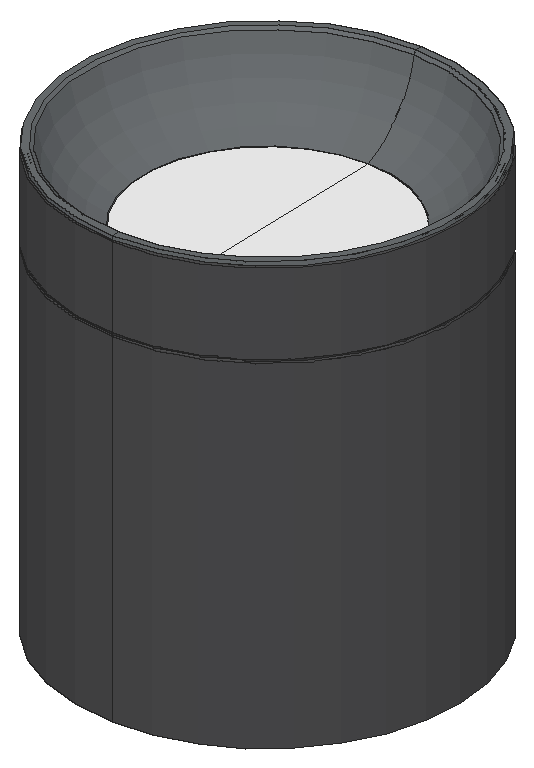
Revit family "Zumtobel PANOS 3 Surface-Mounted R150", category Lighting Fixtures, host Face, Revit 2023
Family settings
  Host = Face
  Round Connector Dimension = Use Diameter
  Part Type = Normal
  Cut with Voids When Loaded = Yes
  Light Source = Yes
  Maintain Annotation Orientation = No
  Shared = No
  Room Calculation Point = Yes
Parameters (values of type "PANOS SC R150 1k-940 LDO H AL BK")
  URL = "https://www.zumtobel.com/com-en/products/product_popup.html?62930183"
  Type Image = ZS_PA3_F_SM_R150_L_AL_BKBK.jpg
  Type Comments = ""
  Power Factor = 0.8
  Model = "62930183"
  Material Reflector = Zumtobel-Plastic-RAL 7016-Anthracite Grey-Reflective
  Material Housing Top = Zumtobel-Aluminium-RAL 9005-Jet Black
  Material Housing = Zumtobel-Aluminium-RAL 9005-Jet Black
  Wattage = 8.3 W
  built-in parameter 1150110 = 1 (stored number, unit not read)
  built-in parameter 1114217 = 1 (stored number, unit not read)
  Tilt Angle = -90.00°  # constant formula
  built-in parameter 1150109 = 1 (stored number, unit not read)
  built-in parameter 1150134 = 12
  built-in parameter 1150113 = 1 (stored number, unit not read)
  Photometric Web File = "62930183_(STD_LEO).IES"
  Manufacturer = "Zumtobel Lighting"  # constant formula
  built-in parameter 1150105 = 85.944 (stored number, unit not read)
  Lumens = 1080 lm
  Luminaire Width = 139 mm  # constant formula
  Luminaire Length = 139 mm  # constant formula
  Luminaire Height = if(Housing H, 156 mm, if(Housing L, 118 mm, 156 mm))  # 156 mm
  built-in parameter 1150115 = 1 (stored number, unit not read)
  built-in parameter 1150137 = (empty or 0)
  built-in parameter 1150139 = (empty or 0)
  built-in parameter 1150112 = 1 (stored number, unit not read)
  built-in parameter 1150114 = 1 (stored number, unit not read)
  Lamp = "LED"
  built-in parameter 1150132 = 2
  built-in parameter 1150102 = (empty or 0)
  built-in parameter 1150107 = 4000 (stored number, unit not read)
  built-in parameter 1150138 = (empty or 0)
  built-in parameter 1150106 = 0.85944 (stored number, unit not read)
  Housing L = no
  Housing H = yes
  Emit from Circle Diameter = 90 mm  # constant formula
  Emit Shape Visible in Rendering = 0 > 1  # no
  built-in parameter 1150104 = 12.077 (stored number, unit not read)
  Dimming Lamp Color Temperature Shift = <None>
  Description = "Downlight, Ceiling surface mounted luminaire"  # constant formula
  Default Elevation = 0 mm  # constant formula
  Color Filter = 16777215
  built-in parameter 1114218 = 1 (stored number, unit not read)
  built-in parameter 1150133 = 10 (stored number, unit not read)
  Assembly Code = "Pr_70_70_48"
  Apparent Load = Wattage / Power Factor  # 10.375 VA
Types (27, lengths in mm): name | URL | Type Image | Power Factor | Model | Material Reflector | Material Housing Top | Material Housing | Wattage | Photometric Web File | Lumens | Luminaire Height | built-in parameter 1150107 | Housing L | Housing H | built-in parameter 1150104 | Apparent Load
  PANOS SC R150 1k-940 LDO H AL BK | "https://www.zumtobel.com/com-en/products/product_popup.html?62930183" | ZS_PA3_F_SM_R150_L_AL_BKBK.jpg | 0.8 | "62930183" | Zumtobel-Plastic-RAL 7016-Anthracite Grey-Reflective | Zumtobel-Aluminium-RAL 9005-Jet Black | Zumtobel-Aluminium-RAL 9005-Jet Black | 8.3 W | "62930183_(STD_LEO).IES" | 1080 lm | 156 | 4000 (stored number, unit not read) | no | yes | 12.077 (stored number, unit not read) | 10.375 VA
  PANOS SC R150 2k-940 LDO H AL BK | "https://www.zumtobel.com/com-en/products/product_popup.html?62930184" | ZS_PA3_F_SM_R150_H_AL_BKBK.jpg | 0.92 | "62930184" | Zumtobel-Plastic-RAL 7016-Anthracite Grey-Reflective | Zumtobel-Aluminium-RAL 9005-Jet Black | Zumtobel-Aluminium-RAL 9005-Jet Black | 15.6 W | "62930184_(STD_LEO).IES" | 2100 lm | 156 | 4000 (stored number, unit not read) | no | yes | 12.542 (stored number, unit not read) | 16.9565 VA
  PANOS SC R150 3k-940 LDO H AL BK | "https://www.zumtobel.com/com-en/products/product_popup.html?62930185" | ZS_PA3_F_SM_R150_H_AL_BKBK.jpg | 0.95 | "62930185" | Zumtobel-Plastic-RAL 7016-Anthracite Grey-Reflective | Zumtobel-Aluminium-RAL 9005-Jet Black | Zumtobel-Aluminium-RAL 9005-Jet Black | 23.3 W | "62930185_(STD_LEO).IES" | 3020 lm | 156 | 4000 (stored number, unit not read) | no | yes | 12.077 (stored number, unit not read) | 24.5263 VA
  PANOS SC R150 1k-940 LDO H AL WH | "https://www.zumtobel.com/com-en/products/product_popup.html?62930165" | ZS_PA3_F_SM_R150_L_AL_WHWH.jpg | 0.8 | "62930165" | Zumtobel-Plastic-RAL 7016-Anthracite Grey-Reflective | Zumtobel-Aluminium-RAL 9003-Signal White | Zumtobel-Aluminium-RAL 9003-Signal White | 8.3 W | "62930165_(STD_LEO).IES" | 1080 lm | 156 | 4000 (stored number, unit not read) | no | yes | 12.077 (stored number, unit not read) | 10.375 VA
  PANOS SC R150 1k-940 LDO H SPC BK | "https://www.zumtobel.com/com-en/products/product_popup.html?62930192" | ZS_PA3_F_SM_R150_H_SPC_BKBK.jpg | 0.8 | "62930192" | Zumtobel-Plastic-RAL 7001-Silver Grey | Zumtobel-Aluminium-RAL 9005-Jet Black | Zumtobel-Aluminium-RAL 9005-Jet Black | 8.3 W | "62930192_(STD_LEO).IES" | 1030 lm | 156 | 4000 (stored number, unit not read) | no | yes | 11.52 (stored number, unit not read) | 10.375 VA
  PANOS SC R150 1k-940 LDO H SPC WH | "https://www.zumtobel.com/com-en/products/product_popup.html?62930174" | ZS_PA3_F_SM_R150_H_SPC_WHWH.jpg | 0.8 | "62930174" | Zumtobel-Plastic-RAL 7001-Silver Grey | Zumtobel-Aluminium-RAL 9003-Signal White | Zumtobel-Aluminium-RAL 9003-Signal White | 8.3 W | "62930174_(STD_LEO).IES" | 1030 lm | 156 | 4000 (stored number, unit not read) | no | yes | 11.52 (stored number, unit not read) | 10.375 VA
  PANOS SC R150 1k-940 LDO L AL BK | "https://www.zumtobel.com/com-en/products/product_popup.html?62930177" | ZS_PA3_F_SM_R150_L_AL_BKBK.jpg | 0.8 | "62930177" | Zumtobel-Plastic-RAL 7016-Anthracite Grey-Reflective | Zumtobel-Aluminium-RAL 9005-Jet Black | Zumtobel-Aluminium-RAL 9005-Jet Black | 8.3 W | "62930177_(STD_LEO).IES" | 1110 lm | 118 | 4000 (stored number, unit not read) | yes | no | 12.449 (stored number, unit not read) | 10.375 VA
  PANOS SC R150 1k-940 LDO L AL WH | "https://www.zumtobel.com/com-en/products/product_popup.html?60819411" | ZS_PA3_F_SM_R150_L_AL_WHWH.jpg | 0.8 | "60819411" | Zumtobel-Plastic-RAL 7016-Anthracite Grey-Reflective | Zumtobel-Aluminium-RAL 9003-Signal White | Zumtobel-Aluminium-RAL 9003-Signal White | 8.3 W | "60819411_(STD_LEO).IES" | 1110 lm | 118 | 4000 (stored number, unit not read) | yes | no | 12.449 (stored number, unit not read) | 10.375 VA
  PANOS SC R150 1k-940 LDO L SPC BK | "https://www.zumtobel.com/com-en/products/product_popup.html?62930186" | ZS_PA3_F_SM_R150_L_SPC_BKBK.jpg | 0.8 | "62930186" | Zumtobel-Plastic-RAL 7001-Silver Grey | Zumtobel-Aluminium-RAL 9005-Jet Black | Zumtobel-Aluminium-RAL 9005-Jet Black | 8.3 W | "62930186_(STD_LEO).IES" | 1090 lm | 118 | 4000 (stored number, unit not read) | yes | no | 12.17 (stored number, unit not read) | 10.375 VA
  PANOS SC R150 1k-940 LDO L SPC WH | "https://www.zumtobel.com/com-en/products/product_popup.html?62930168" | ZS_PA3_F_SM_R150_L_SPC_WHWH.jpg | 0.8 | "62930168" | Zumtobel-Plastic-RAL 7001-Silver Grey | Zumtobel-Aluminium-RAL 9003-Signal White | Zumtobel-Aluminium-RAL 9003-Signal White | 8.3 W | "62930168_(STD_LEO).IES" | 1090 lm | 118 | 4000 (stored number, unit not read) | yes | no | 12.17 (stored number, unit not read) | 10.375 VA
  PANOS SC R150 2k-940 LDO H AL WH | "https://www.zumtobel.com/com-en/products/product_popup.html?62930166" | ZS_PA3_F_SM_R150_H_AL_WHWH.jpg | 0.92 | "62930166" | Zumtobel-Plastic-RAL 7016-Anthracite Grey-Reflective | Zumtobel-Aluminium-RAL 9003-Signal White | Zumtobel-Aluminium-RAL 9003-Signal White | 15.6 W | "62930166_(STD_LEO).IES" | 2100 lm | 156 | 4000 (stored number, unit not read) | no | yes | 12.542 (stored number, unit not read) | 16.9565 VA
  PANOS SC R150 2k-940 LDO H SPC BK | "https://www.zumtobel.com/com-en/products/product_popup.html?62930193" | ZS_PA3_F_SM_R150_H_SPC_BKBK.jpg | 0.92 | "62930193" | Zumtobel-Plastic-RAL 7001-Silver Grey | Zumtobel-Aluminium-RAL 9005-Jet Black | Zumtobel-Aluminium-RAL 9005-Jet Black | 15.6 W | "62930193_(STD_LEO).IES" | 2000 lm | 156 | 4000 (stored number, unit not read) | no | yes | 11.892 (stored number, unit not read) | 16.9565 VA
  PANOS SC R150 2k-940 LDO H SPC WH | "https://www.zumtobel.com/com-en/products/product_popup.html?62930175" | ZS_PA3_F_SM_R150_H_SPC_WHWH.jpg | 0.92 | "62930175" | Zumtobel-Plastic-RAL 7001-Silver Grey | Zumtobel-Aluminium-RAL 9003-Signal White | Zumtobel-Aluminium-RAL 9003-Signal White | 15.6 W | "62930175_(STD_LEO).IES" | 2000 lm | 156 | 4000 (stored number, unit not read) | no | yes | 11.892 (stored number, unit not read) | 16.9565 VA
  PANOS SC R150 2k-940 LDO L AL BK | "https://www.zumtobel.com/com-en/products/product_popup.html?62930178" | ZS_PA3_F_SM_R150_L_AL_BKBK.jpg | 0.92 | "62930178" | Zumtobel-Plastic-RAL 7016-Anthracite Grey-Reflective | Zumtobel-Aluminium-RAL 9005-Jet Black | Zumtobel-Aluminium-RAL 9005-Jet Black | 15.6 W | "62930178_(STD_LEO).IES" | 2170 lm | 118 | 4000 (stored number, unit not read) | yes | no | 12.914 (stored number, unit not read) | 16.9565 VA
  PANOS SC R150 2k-940 LDO L AL WH | "https://www.zumtobel.com/com-en/products/product_popup.html?60819412" | ZS_PA3_F_SM_R150_L_AL_WHWH.jpg | 0.92 | "60819412" | Zumtobel-Plastic-RAL 7016-Anthracite Grey-Reflective | Zumtobel-Aluminium-RAL 9003-Signal White | Zumtobel-Aluminium-RAL 9003-Signal White | 15.6 W | "60819412_(STD_LEO).IES" | 2170 lm | 118 | 4000 (stored number, unit not read) | yes | no | 12.914 (stored number, unit not read) | 16.9565 VA
  PANOS SC R150 2k-940 LDO L SPC BK | "https://www.zumtobel.com/com-en/products/product_popup.html?62930187" | ZS_PA3_F_SM_R150_L_SPC_BKBK.jpg | 0.92 | "62930187" | Zumtobel-Plastic-RAL 7001-Silver Grey | Zumtobel-Aluminium-RAL 9005-Jet Black | Zumtobel-Aluminium-RAL 9005-Jet Black | 15.6 W | "62930187_(STD_LEO).IES" | 2170 lm | 118 | 4000 (stored number, unit not read) | yes | no | 12.914 (stored number, unit not read) | 16.9565 VA
  PANOS SC R150 2k-940 LDO L SPC WH | "https://www.zumtobel.com/com-en/products/product_popup.html?62930169" | ZS_PA3_F_SM_R150_L_SPC_WHWH.jpg | 0.92 | "62930169" | Zumtobel-Plastic-RAL 7001-Silver Grey | Zumtobel-Aluminium-RAL 9003-Signal White | Zumtobel-Aluminium-RAL 9003-Signal White | 15.6 W | "62930169_(STD_LEO).IES" | 2170 lm | 118 | 4000 (stored number, unit not read) | yes | no | 12.914 (stored number, unit not read) | 16.9565 VA
  PANOS SC R150 3k-930 LDO H BK WH | "https://www.zumtobel.com/com-en/products/product_popup.html?62930305" | ZS_PA3_F_SM_R150_H_BK_WHWH.jpg | 0.95 | "62930305" | Zumtobel-Plastic-RAL 9005-Jet Black | Zumtobel-Aluminium-RAL 9003-Signal White | Zumtobel-Aluminium-RAL 9003-Signal White | 23.3 W | "62930305_(STD_LEO).IES" | 1790 lm | 156 | 3000 (stored number, unit not read) | no | yes | 7.1535 (stored number, unit not read) | 24.5263 VA
  PANOS SC R150 3k-940 LDO H AL WH | "https://www.zumtobel.com/com-en/products/product_popup.html?62930167" | ZS_PA3_F_SM_R150_H_AL_WHWH.jpg | 0.95 | "62930167" | Zumtobel-Plastic-RAL 7016-Anthracite Grey-Reflective | Zumtobel-Aluminium-RAL 9003-Signal White | Zumtobel-Aluminium-RAL 9003-Signal White | 23.3 W | "62930167_(STD_LEO).IES" | 3020 lm | 156 | 4000 (stored number, unit not read) | no | yes | 12.077 (stored number, unit not read) | 24.5263 VA
  PANOS SC R150 3k-940 LDO H SPC BK | "https://www.zumtobel.com/com-en/products/product_popup.html?62930194" | ZS_PA3_F_SM_R150_H_SPC_BKBK.jpg | 0.95 | "62930194" | Zumtobel-Plastic-RAL 7001-Silver Grey | Zumtobel-Aluminium-RAL 9005-Jet Black | Zumtobel-Aluminium-RAL 9005-Jet Black | 23.3 W | "62930194_(STD_LEO).IES" | 2890 lm | 156 | 4000 (stored number, unit not read) | no | yes | 11.52 (stored number, unit not read) | 24.5263 VA
  PANOS SC R150 3k-940 LDO H SPC WH | "https://www.zumtobel.com/com-en/products/product_popup.html?62930176" | ZS_PA3_F_SM_R150_H_SPC_WHWH.jpg | 0.95 | "62930176" | Zumtobel-Plastic-RAL 7001-Silver Grey | Zumtobel-Aluminium-RAL 9003-Signal White | Zumtobel-Aluminium-RAL 9003-Signal White | 23.3 W | "62930176_(STD_LEO).IES" | 2890 lm | 156 | 4000 (stored number, unit not read) | no | yes | 11.52 (stored number, unit not read) | 24.5263 VA
  PANOS SC R150 3k-930 LDO L AL WH | "https://www.zumtobel.com/com-en/products/product_popup.html?62930216" | ZS_PA3_F_SM_R150_L_AL_WHWH.jpg | 0.95 | "62930216" | Zumtobel-Plastic-RAL 7016-Anthracite Grey-Reflective | Zumtobel-Aluminium-RAL 9003-Signal White | Zumtobel-Aluminium-RAL 9003-Signal White | 23.3 W | "62930216_(STD_LEO).IES" | 3100 lm | 118 | 3000 (stored number, unit not read) | yes | no | 12.356 (stored number, unit not read) | 24.5263 VA
  PANOS SC R150 3k-940 LDO L AL BK | "https://www.zumtobel.com/com-en/products/product_popup.html?62930179" | ZS_PA3_F_SM_R150_L_AL_BKBK.jpg | 0.95 | "62930179" | Zumtobel-Plastic-RAL 7016-Anthracite Grey-Reflective | Zumtobel-Aluminium-RAL 9005-Jet Black | Zumtobel-Aluminium-RAL 9005-Jet Black | 23.3 W | "62930179_(STD_LEO).IES" | 3120 lm | 118 | 4000 (stored number, unit not read) | yes | no | 12.449 (stored number, unit not read) | 24.5263 VA
  PANOS SC R150 3k-940 LDO L AL WH | "https://www.zumtobel.com/com-en/products/product_popup.html?60819413" | ZS_PA3_F_SM_R150_L_AL_WHWH.jpg | 0.95 | "60819413" | Zumtobel-Plastic-RAL 7016-Anthracite Grey-Reflective | Zumtobel-Aluminium-RAL 9003-Signal White | Zumtobel-Aluminium-RAL 9003-Signal White | 23.3 W | "60819413_(STD_LEO).IES" | 3120 lm | 118 | 4000 (stored number, unit not read) | yes | no | 12.449 (stored number, unit not read) | 24.5263 VA
  PANOS SC R150 3k-940 LDO L SPC BK | "https://www.zumtobel.com/com-en/products/product_popup.html?62930188" | ZS_PA3_F_SM_R150_L_SPC_BKBK.jpg | 0.95 | "62930188" | Zumtobel-Plastic-RAL 7001-Silver Grey | Zumtobel-Aluminium-RAL 9005-Jet Black | Zumtobel-Aluminium-RAL 9005-Jet Black | 23.3 W | "62930188_(STD_LEO).IES" | 3080 lm | 118 | 4000 (stored number, unit not read) | yes | no | 12.263 (stored number, unit not read) | 24.5263 VA
  PANOS SC R150 3k-940 LDO L SPC WH | "https://www.zumtobel.com/com-en/products/product_popup.html?62930170" | ZS_PA3_F_SM_R150_L_SPC_WHWH.jpg | 0.95 | "62930170" | Zumtobel-Plastic-RAL 7001-Silver Grey | Zumtobel-Aluminium-RAL 9003-Signal White | Zumtobel-Aluminium-RAL 9003-Signal White | 23.3 W | "62930170_(STD_LEO).IES" | 3080 lm | 118 | 4000 (stored number, unit not read) | yes | no | 12.263 (stored number, unit not read) | 24.5263 VA
  PANOS SC R150 3k-930 LDO L BK BK | "https://www.zumtobel.com/com-en/products/product_popup.html?62930303" | ZS_PA3_F_SM_R150_L_BK_BKBK.jpg | 0.95 | "62930303" | Zumtobel-Plastic-RAL 9005-Jet Black | Zumtobel-Aluminium-RAL 9005-Jet Black | Zumtobel-Aluminium-RAL 9005-Jet Black | 23.3 W | "62930303_(STD_LEO).IES" | 2930 lm | 118 | 3000 (stored number, unit not read) | yes | no | 11.706 (stored number, unit not read) | 24.5263 VA
Reference planes
  plane 1 "Center (Front/Back)": y = 0
  plane 2: z = 0
  plane 3 "Center (Left/Right)": x = 0
  plane 4: x = -69.5
  plane 5: x = 69.5
  plane 6: y = 69.5
  plane 7: y = -69.5
  plane 8 "Bottom": z = 156
  plane 9 "Center L/S": z = 124.072
  plane 10: z = 130.072
Forms (mm)
  Revolve 1, solid, material "Zumtobel-Aluminium-RAL 9005-Jet Black" <- "Material Housing Top"
    sketch origin (0, 0, 0) x (0, 1, 0) y (0, 0, 1)
      loop
        arc (69.276, 123.472) -> (69.1, 123.896) -> (68.676, 124.072) r 0.6
        line (68.676, 124.072) -> (67.226, 124.072) -> (67.226, 125.272) -> (65.226, 125.272) -> (65.226, 10) -> (0, 10) -> (0, 0) -> (69.276, 0) -> (69.276, 123.472)
      axis (0, 125.272) -> (0, 0)
    angle from 0 to 360
  Revolve 2, solid, material "Zumtobel-Plastic-Self Illuminated 4000K"
    sketch origin (0, 0, 0) x (0, 1, 0) y (0, 0, 1)
      loop
        line (44.985, 128.971) -> (0, 128.971) -> (0, 126.813) -> (44.985, 126.813) -> (44.985, 128.971)
      axis (0, 126.813) -> (0, 128.971)
    angle from 0 to 360
  Revolve 3, solid, material "Zumtobel-Plastic-RAL 7016-Anthracite Grey-Reflective" <- "Material Reflector"
    sketch origin (0, 0, 0) x (0, 1, 0) y (0, 0, 1)
      loop
        line (44.985, 128.971) -> (44.985, 126.813)
        arc (44.985, 126.813) -> (59.865, 137.723) -> (67.386, 154.571) r 36
        line (67.386, 154.571) -> (68.968, 154.571) -> (68.9, 155.871) -> (66.436, 155.871) -> (65.41, 154.881)
        arc (65.41, 154.881) -> (58.551, 139.283) -> (44.985, 128.971) r 34
      axis (0, 126.813) -> (0, 155.871)
    angle from 0 to 360
  Revolve 4, solid, material "Zumtobel-Aluminium-RAL 9005-Jet Black" <- "Material Housing"
    sketch origin (0, 0, 0) x (0, 1, 0) y (0, 0, 1)
      loop
        line (69.276, 154.072) -> (67.976, 154.072) -> (66.88, 148.572) -> (66.53, 128.492) -> (65.226, 127.753) -> (65.226, 125.272) -> (67.226, 125.272) -> (67.226, 124.072) -> (68.676, 124.072)
        arc (68.676, 124.072) -> (69.1, 124.247) -> (69.276, 124.672) r 0.6
        line (69.276, 124.672) -> (69.276, 154.072)
      axis (0, 154.072) -> (0, 124.072)
    angle from 0 to 360
Lines and regions (mm)
  Filled region 1, type "White"
    outline origin (0, 0, 0) x (1, 0, 0) y (0, 1, 0)
      loop
        circle (0, 0) r 69.5
  model lines, style "InvisibleLines"
    curve 1: line (0, 250, 0) -> (0, -250, 0)
    curve 2: line (-250, 0, 0) -> (250, 0, 0)
  symbolic lines
    curve 3: circle (0, 0, 0) r 45 normal (0, 0, 1)
Dimensions and locks
  equal spacing: plane 4, plane 3 "Center (Left/Right)", plane 5
  "Luminaire Length": plane 4 to plane 5
  equal spacing: plane 7, plane 1 "Center (Front/Back)", plane 6
  "Luminaire Width": plane 7 to plane 6
  locked: plane 8 "Bottom" to plane 9 "Center L/S" at 31.928
  "Luminaire Height": plane 8 "Bottom" to level
  locked: plane 10 to plane 9 "Center L/S" at 6
  aligned and locked: plane 2 to host face
  aligned and locked: level to host face
  aligned and locked: plane 1 "Center (Front/Back)" to curve 2
  aligned and locked: curve 1 to plane 3 "Center (Left/Right)"
  aligned and locked: plane 9 "Center L/S" to Revolve 4 sketch curve
  aligned and locked: plane 10 to imposter light
Automatic sketch dimensions
  host sketch curve to host sketch curve = 2438.4 mm  (x2)
  Revolve 2 sketch curve to plane 1 "Center (Front/Back)" = 0 mm  (x2)
  Revolve 2 sketch curve to plane 6 = 24.515 mm
  Revolve 2 sketch curve to plane 8 "Bottom" = 27.029 mm
  Revolve 2 sketch curve to Revolve 2 sketch curve = 2.158 mm
  Revolve 2 sketch curve to level = 2701.474 mm
  plane 8 "Bottom" to Revolve 2 sketch curve = 2018.453 mm
  Revolve 4 sketch curve to plane 1 "Center (Front/Back)" = 0 mm
  Revolve 4 sketch curve to plane 6 = 4.274 mm
  Revolve 4 sketch curve to Revolve 4 sketch curve = 1.304 mm
  Revolve 4 sketch curve to Revolve 4 sketch curve = 2 mm
  Revolve 4 sketch curve to plane 6 = 0.824 mm
  Revolve 4 sketch curve to plane 6 = 0.224 mm
  Revolve 4 sketch curve to Revolve 4 sketch curve = 1.2 mm
  Revolve 4 sketch curve to Revolve 4 sketch curve = 2.481 mm
  Revolve 4 sketch curve to Revolve 4 sketch curve = 0.739 mm
  Revolve 4 sketch curve to plane 8 "Bottom" = 1.928 mm
  Revolve 4 sketch curve to plane 6 = 2.62 mm
  Revolve 4 sketch curve to Revolve 4 sketch curve = 1.3 mm
  Revolve 4 sketch curve to level = 2078.453 mm
  Revolve 4 sketch curve to Revolve 4 sketch curve = 5.499 mm
  plane 8 "Bottom" to Revolve 4 sketch curve = 2641.474 mm
  Revolve 3 sketch curve to Revolve 3 sketch curve = 0 mm  (x3)
  Revolve 3 sketch curve to plane 1 "Center (Front/Back)" = 0 mm
  plane 8 "Bottom" to Revolve 3 sketch curve = 4.332 mm
  Revolve 3 sketch curve to plane 8 "Bottom" = 1.119 mm
  Revolve 3 sketch curve to plane 6 = 4.09 mm
  Revolve 3 sketch curve to plane 8 "Bottom" = 0.129 mm
  Revolve 3 sketch curve to Revolve 3 sketch curve = 1.026 mm
  Revolve 3 sketch curve to Revolve 3 sketch curve = 0.949 mm
  Revolve 3 sketch curve to plane 6 = 0.6 mm
  Revolve 3 sketch curve to plane 6 = 0.532 mm
  Revolve 3 sketch curve to Revolve 3 sketch curve = 2.158 mm
  Revolve 3 sketch curve to plane 8 "Bottom" = 1.429 mm
  Revolve 3 sketch curve to level = 2701.474 mm
  Revolve 3 sketch curve to Revolve 3 sketch curve = 2014.122 mm
  Revolve 3 sketch curve to plane 1 "Center (Front/Back)" = 31.85 mm
  plane 1 "Center (Front/Back)" to Filled region 1 sketch curve = 0 mm
  Filled region 1 sketch curve to plane 3 "Center (Left/Right)" = 0 mm
  plane 1 "Center (Front/Back)" to curve 3 = 0 mm
  curve 3 to plane 3 "Center (Left/Right)" = 0 mm
  curve 2 to plane 4 = 180.5 mm
  curve 2 to plane 5 = 180.5 mm
  plane 7 to curve 1 = 180.5 mm
  plane 6 to curve 1 = 180.5 mm
  Revolve 1 sketch curve to plane 1 "Center (Front/Back)" = 0 mm  (x2)
  Revolve 1 sketch curve to plane 9 "Center L/S" = 0 mm
  Revolve 1 sketch curve to level = 0 mm
  plane 9 "Center L/S" to Revolve 1 sketch curve = 1.2 mm
  Revolve 1 sketch curve to Revolve 1 sketch curve = 2 mm
  Revolve 1 sketch curve to plane 6 = 0.824 mm
  Revolve 1 sketch curve to Revolve 1 sketch curve = 10 mm
  Revolve 1 sketch curve to plane 6 = 0.224 mm
  Revolve 1 sketch curve to level = 2078.453 mm
  plane 8 "Bottom" to Revolve 1 sketch curve = 2552.34 mm
  Revolve 1 sketch curve to Revolve 1 sketch curve = 4.05 mm
  radius of Filled region 1 sketch curve = 69.5 mm
  radius of curve 3 = 45 mm
Connectors
  electrical at (0, 0, 0), driven by "Apparent Load", driven by "Power Factor"
    settings: index 1, voltage 230 V, apparent load 10.375 VA, apparent load phase1 0 VA, apparent load phase2 0 VA, apparent load phase3 0 VA, power factor 0.8, load classification "Lighting", number of poles 1, system type 30, power factor state 1, is connector primary yes, connector utility no, sub classification motor no, connector description ""
